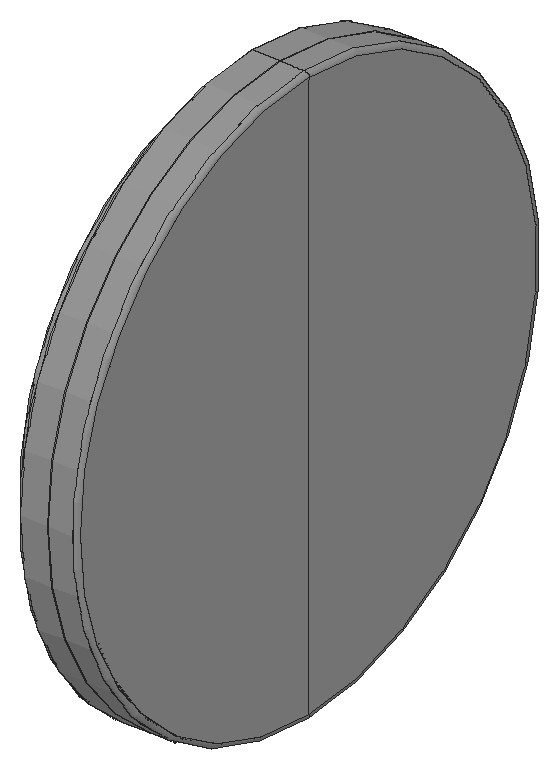
Revit family "IVLB_Generic_LF_Wall Mounted Luminaire Round", category Lighting Fixtures, Revit 2019
Family settings
  Round Connector Dimension = Use Diameter
  Part Type = Normal
  OmniClass Number = 23.80.70.11.14.11
  OmniClass Title = Downlights
  Work Plane-Based = No
  Always vertical = Yes
  Cut with Voids When Loaded = No
  Light Source = No
  Shared = No
  Room Calculation Point = Yes
Parameters (values of type "Generic Wall Luminaire Round")
  Wattage Comments = "18W"
  Wall mounted [instance] = yes
  Voltage = 230 V
  URL = "https://www.etk.nl"
  Type Comments = "IP20"
  Symbol_Waterproof [instance] = no
  Symbol_Emergency Lighting [instance] = no
  Switch Code [instance] = ""
  Radius = Diameter / 2  # 150 mm
  Model = "FMK.1"
  Manufacturer = "ETK licht B.V."
  Luminaire_Body_Material = PPS Plastic
  Luminaire Code [instance] = ""
  Light Source = Generic Lightsource : Generic Lightsource
  Lamp = "LED"
  IfcExportType = "USERDEFINED"
  IfcExportAs = "IfcLightFixtureType"
  Distance Symbol [instance] = if(Wall mounted, 170.5 mm, 0 mm)  # 170.5 mm
  Distance Luminaire Wall [instance] = if([43mm Height], -48 mm, -68 mm)  # -48 mm
  Distance Luminaire [instance] = if([43mm Height], -43 mm, -63 mm)  # -43 mm
  Diameter = 300 mm
  Description = "Surface Mounted"
  Copyright © IVLighting = "www.ivlighting.nl"
  Bundle = "110°"
  Assembly Code = "63.0"
  Apparent Load = 18 VA
  63mm Height = not([43mm Height])  # no
  43mm Height = yes
Reference planes
  plane 1 "Center (Front/Back)": y = 0
  plane 2: z = 0
  plane 3 "Center (Left/Right)": x = 0
Dimensions and locks
  "Distance Symbol": plane 3 "Center (Left/Right)" to nested 1
  aligned and locked: level to plane 2
Nested families
  nested 1: "WIL.3 Light_Symbol_IVL" at (170.5, 0, 0), type "Lighting Fixture Round - Emergency Lighting"
    with Wall mounted yes, Emergency Lighting no
  nested 2: "Generic Geometry" at (42.989, 0, -0.011) x (0, 0, 1) z (-1, 0, 0), visible <- "Wall mounted", built-in parameter 1001364 <- "Distance Luminaire Wall", type "Generic Geometry"
    with Radius 150 mm, Diameter 300 mm, Calc_Radius 142.3 mm
  nested 3: "Generic Lightsource" at (43, -3.799, 2.924) x (0, 0, -1) z (-1, 0, 0), visible <- "Wall mounted", built-in parameter 1001364 <- "Distance Luminaire", type <- "Light Source", type "Generic Lightsource"
Connectors
  electrical at (0, 0, 0), driven by "Apparent Load"
    settings: index 1, voltage 0 V, apparent load 0 VA, apparent load phase1 18 VA, apparent load phase2 0 VA, apparent load phase3 0 VA, power factor 1, load classification "Other", number of poles 1, system type 31, power factor state 1, is connector primary yes, connector utility no, sub classification motor no, connector description ""
Definition of nested family "Generic Geometry"
  Parameters (values of type "FMS1 Geometry")
    URL = "https://www.etk.nl/"
    Type Comments = "IP20"
    Symbol_Waterproof [instance] = no
    Symbol_Emergency Lighting [instance] = no
    Radius = Diameter / 2  # 135 mm
    Model = "FMS.1"
    Manufacturer = "ETK licht B.V."
    Luminaire_Body_Material = none
    Diameter = 270 mm
    Description = "Surface Mounted"
    Default Elevation = 1219.2 mm
    Copyright © IVLighting = "www.ivlighting.nl"
    Calc_Radius = Radius - 7.7 mm  # 127.3 mm
    Assembly Code = "63.0"
    63mm Height = not([43mm Height])  # no
    43mm Height = yes
  Reference planes
    plane 1 "Center (Front/Back)": y = 0
    plane 2: z = 0
    plane 3 "Center (Left/Right)": x = 0
  Forms (mm)
    Revolve 1, solid, visible <- "43mm Height"
      sketch origin (0, 0, 0) x (1, 0, 0) y (0, 0, 1)
        loop
          arc (-135, 2.5) -> (-134.268, 0.732) -> (-132.5, 0) r 2.5
          line (-132.5, 0) -> (0, 0) -> (0, 15.252) -> (-135, 15.252) -> (-135, 2.5)
        axis (0, 15.252) -> (0, 0)
      angle from 0 to 360
    Revolve 2, solid, material <- "Luminaire_Body_Material", visible <- "43mm Height"
      sketch origin (0, 0, 15.252) x (1, 0, 0) y (0, 0, 1)
        loop
          line (-135, 0) -> (0, 0) -> (0, 27.748) -> (-118, 27.748)
          arc (-118, 27.748) -> (-118.53, 27.528) -> (-118.75, 26.998) r 0.75
          line (-118.75, 26.998) -> (-118.75, 15.5)
          arc (-118.75, 15.5) -> (-118.97, 14.97) -> (-119.5, 14.75) r 0.75
          line (-119.5, 14.75) -> (-134.25, 14.75)
          arc (-134.25, 14.75) -> (-134.78, 14.531) -> (-135, 14) r 0.75
          line (-135, 14) -> (-135, 0)
        axis (0, 27.748) -> (0, 0)
      angle from 0 to 360
    Revolve 3, solid, visible <- "63mm Height"
      sketch origin (0, 0, 5.746) x (1, 0, 0) y (0, 0, 1)
        loop
          arc (-135, -3.248) -> (-134.268, -5.015) -> (-132.5, -5.748) r 2.5
          line (-132.5, -5.748) -> (0, -5.748) -> (0, 15.252) -> (-135, 15.252) -> (-135, -3.248)
        axis (0, 15.252) -> (0, -5.748)
      angle from 0 to 360
    Revolve 4, solid, material <- "Luminaire_Body_Material", visible <- "63mm Height"
      sketch origin (0, 0, 20.999) x (1, 0, 0) y (0, 0, 1)
        loop
          line (-135, 0) -> (0, 0) -> (0, 42.001) -> (-118, 42.001)
          arc (-118, 42.001) -> (-118.53, 41.781) -> (-118.75, 41.251) r 0.75
          line (-118.75, 41.251) -> (-118.75, 21.8)
          arc (-118.75, 21.8) -> (-118.984, 21.235) -> (-119.55, 21) r 0.8
          line (-119.55, 21) -> (-134.2, 21)
          arc (-134.2, 21) -> (-134.766, 20.766) -> (-135, 20.2) r 0.8
          line (-135, 20.2) -> (-135, 0)
        axis (0, 42.001) -> (0, 0)
      angle from 0 to 360
  Dimensions and locks
    "Radius": plane 3 "Center (Left/Right)" to Revolve 1 sketch curve
    locked: Revolve 2 sketch curve to Revolve 2 sketch curve at 16.25
    "Radius": Revolve 2 sketch curve to Revolve 2 sketch curve
    locked: Revolve 4 sketch curve to Revolve 4 sketch curve at 16.25
    "Radius": Revolve 4 sketch curve to Revolve 4 sketch curve
    aligned and locked: level to plane 2
  Automatic sketch dimensions
    Revolve 3 sketch curve to plane 3 "Center (Left/Right)" = 0 mm  (x2)
    Revolve 3 sketch curve to plane 3 "Center (Left/Right)" = 132.5 mm
    Revolve 3 sketch curve to Revolve 3 sketch curve = 2.5 mm
    Revolve 3 sketch curve to Revolve 3 sketch curve = 21 mm
    Revolve 3 sketch curve to level = 360.298 mm
    Revolve 3 sketch curve to Revolve 3 sketch curve = 2199.063 mm
    Revolve 3 sketch curve to level = 0.001 mm
    Revolve 1 sketch curve to level = 0 mm
    Revolve 1 sketch curve to plane 3 "Center (Left/Right)" = 0 mm  (x2)
    level to Revolve 1 sketch curve = 2.5 mm
    level to Revolve 1 sketch curve = 15.252 mm
    Revolve 1 sketch curve to level = 366.045 mm
    Revolve 1 sketch curve to Revolve 1 sketch curve = 2199.063 mm
    Revolve 2 sketch curve to plane 3 "Center (Left/Right)" = 0 mm  (x2)
    Revolve 2 sketch curve to Revolve 2 sketch curve = 0.75 mm  (x3)
    level to Revolve 2 sketch curve = 15.252 mm
    Revolve 2 sketch curve to Revolve 2 sketch curve = 14 mm
    Revolve 2 sketch curve to Revolve 2 sketch curve = 11.497 mm
    Revolve 2 sketch curve to level = 350.792 mm
    Revolve 2 sketch curve to Revolve 2 sketch curve = 2186.567 mm
    Revolve 4 sketch curve to plane 3 "Center (Left/Right)" = 0 mm  (x2)
    Revolve 4 sketch curve to Revolve 4 sketch curve = 0.8 mm  (x2)
    Revolve 4 sketch curve to Revolve 4 sketch curve = 0.75 mm
    level to Revolve 4 sketch curve = 20.999 mm
    Revolve 4 sketch curve to Revolve 4 sketch curve = 20.2 mm
    Revolve 4 sketch curve to Revolve 4 sketch curve = 19.45 mm
    Revolve 4 sketch curve to level = 345.046 mm
    Revolve 4 sketch curve to Revolve 4 sketch curve = 2174.067 mm
Definition of nested family "WIL.3 Light_Symbol_IVL"
  Parameters (values of type "Lighting Fixture - Round")
    Waterproof = no
    Wall mounted = no
    Lighting Fixture = yes
    Emergency Lighting = no
  Types (3, lengths in mm): name | Waterproof | Emergency Lighting
    Lighting Fixture - Round | no | no
    Lighting Fixture Round - Emergency Lighting | no | yes
    Lighting Fixture Round - Waterproof | yes | no
  Reference planes
    plane 1: y = 0
    plane 2: x = 0
  Lines and regions (mm)
    Filled region 1, type "Emergency Lighting", visible <- "Waterproof"
      outline origin (5.15, 1.04, 0) x (1, 0, 0) y (0, 1, 0)
        loop
          arc (-6.051, -1.34) -> (-5.15, -1.99) -> (-4.249, -1.34) r 0.95
          line (-4.249, -1.34) -> (-6.051, -1.34)
    Filled region 2, type "Emergency Lighting", visible <- "Emergency Lighting"
      outline origin (-5.15, 1.04, 0) x (0, 1, 0) y (-1, 0, 0)
        loop
          line (-1.04, -5.15) -> (-1.712, -5.822)
          arc (-1.712, -5.822) -> (-1.04, -6.1) -> (-0.369, -5.822) r 0.95
          line (-0.369, -5.822) -> (-1.04, -5.15)
    Filled region 3, type "Emergency Lighting", visible <- "Emergency Lighting"
      outline origin (5.15, 1.04, 0) x (1, 0, 0) y (0, 1, 0)
        loop
          line (-5.15, -1.04) -> (-5.822, -0.369)
          arc (-5.822, -0.369) -> (-6.1, -1.04) -> (-5.822, -1.712) r 0.95
          line (-5.822, -1.712) -> (-5.15, -1.04)
    detail lines, visible <- "Lighting Fixture"
      curve 1: circle (0, 0, 0) r 0.95 normal (0, 0, 1)
    detail lines, visible <- "Waterproof"
      curve 2: circle (0, 0, 0) r 0.95 normal (0, 0, 1)
    detail lines, visible <- "Emergency Lighting"
      curve 3: circle (0, 0, 0) r 0.95 normal (0, 0, 1)
    detail lines, visible <- "Wall mounted"
      curve 4: line (-0.95, 0, 0) -> (-1.705, 0, 0)
      curve 5: line (-1.705, 0.391, 0) -> (-1.705, -0.391, 0)
Definition of nested family "Generic Lightsource"
  Parameters (values of type "FMS.1110.10 - Ø270 / 18W / 1120lm / 4000K")
    Wattage Comments = "18W"
    Wattage = 7.53996 W
    built-in parameter 1150110 = 1 (stored number, unit not read)
    URL = "https://www.etk.nl"
    built-in parameter 1114217 = 1 (stored number, unit not read)
    Tilt Angle = 90.00°
    built-in parameter 1150109 = 1 (stored number, unit not read)
    built-in parameter 1150134 = 12
    built-in parameter 1150113 = 1 (stored number, unit not read)
    Photometric Web File = "FMK.1109.10.ies"
    built-in parameter 1150142 = "IESNA:LM-63-2002\r\n[TEST] /2015\r\n[TESTLAB] ies2eulumdat.appspot.com\r\n[ISSUEDATE] 2021-06-16T09:00:21.829\r\n[MANUFAC] www.etk.nl\r\n[LUMCAT] FMK.1109.10\r\n[LUMINAIRE] FMK.1 LED 12W 3000/4000/5700K ø250 niet dimbaar\r\n[LAMPCAT] LED\r\n[LAMP] LED\r\nTILT=NONE\r\n1\t1150\t1\t46\t180\t1\t2\t-0.250\t-0.250\t0\r\n1.0\t1.0\t11.80\r\n0\t 2\t 4\t 6\t 8\t 10\t 12\t 14\t 16\t 18\r\n20\t 22\t 24\t 26\t 28\t 30\t 32\t 34\t 36\t 38\r\n40\t 42\t 44\t 46\t 48\t 50\t 52\t 54\t 56\t 58\r\n60\t 62\t 64\t 66\t 68\t 70\t 72\t 74\t 76\t 78\r\n80\t 82\t 84\t 86\t 88\t 90\r\n0\t 2\t 4\t 6\t 8\t 10\t 12\t 14\t 16\t 18\r\n20\t 22\t 24\t 26\t 28\t 30\t 32\t 34\t 36\t 38\r\n40\t 42\t 44\t 46\t 48\t 50\t 52\t 54\t 56\t 58\r\n60\t 62\t 64\t 66\t 68\t 70\t 72\t 74\t 76\t 78\r\n80\t 82\t 84\t 86\t 88\t 90\t 92\t 94\t 96\t 98\r\n100\t 102\t 104\t 106\t 108\t 110\t 112\t 114\t 116\t 118\r\n120\t 122\t 124\t 126\t 128\t 130\t 132\t 134\t 136\t 138\r\n140\t 142\t 144\t 146\t 148\t 150\t 152\t 154\t 156\t 158\r\n160\t 162\t 164\t 166\t 168\t 170\t 172\t 174\t 176\t 178\r\n180\t 182\t 184\t 186\t 188\t 190\t 192\t 194\t 196\t 198\r\n200\t 202\t 204\t 206\t 208\t 210\t 212\t 214\t 216\t 218\r\n220\t 222\t 224\t 226\t 228\t 230\t 232\t 234\t 236\t 238\r\n240\t 242\t 244\t 246\t 248\t 250\t 252\t 254\t 256\t 258\r\n260\t 262\t 264\t 266\t 268\t 270\t 272\t 274\t 276\t 278\r\n280\t 282\t 284\t 286\t 288\t 290\t 292\t 294\t 296\t 298\r\n300\t 302\t 304\t 306\t 308\t 310\t 312\t 314\t 316\t 318\r\n320\t 322\t 324\t 326\t 328\t 330\t 332\t 334\t 336\t 338\r\n340\t 342\t 344\t 346\t 348\t 350\t 352\t 354\t 356\t 358\r\n\r\n405.3384\t404.7765\t404.2265\t402.9975\t401.1013\t399.2051\t395.3191\t391.4331\t387.5471\t383.661\r\n379.7751\t373.4779\t367.169\t360.8717\t354.5746\t348.2657\t339.7094\t331.1415\t322.5852\t314.029\r\n305.461\t294.8096\t284.1582\t273.5069\t262.8555\t252.2041\t239.7267\t227.261\t214.7837\t202.3181\r\n189.8525\t177.3751\t164.9094\t152.432\t139.9664\t127.4891\t0\t0\t0\t0\r\n0\t0\t0\t0\t0\t0\r\n405.3384\t404.7925\t404.2577\t403.0448\t401.1686\t399.2994\t395.4335\t391.5606\t387.7102\t383.8203\r\n379.9334\t373.6444\t367.3443\t361.0453\t354.7325\t348.4388\t339.8983\t331.3616\t322.8117\t314.2627\r\n305.722\t295.0872\t284.4404\t273.8022\t263.1576\t252.5163\t240.0548\t227.5873\t215.131\t202.664\r\n190.1945\t177.7378\t165.2697\t152.8012\t140.3312\t128.1946\t0.3296\t0\t0\t0\r\n0\t0\t0\t0\t0\t0\r\n405.3384\t404.8094\t404.2892\t403.0935\t401.2796\t399.4809\t395.6213\t391.7396\t387.8385\t383.9437\r\n380.072\t373.802\t367.5085\t361.2065\t354.9129\t348.6531\t340.137\t331.5961\t323.0451\t314.5012\r\n305.9895\t295.3818\t284.734\t274.0862\t263.4264\t252.8071\t240.376\t227.9231\t215.4572\t202.995\r\n190.53\t178.0631\t165.6056\t153.1389\t140.6717\t129.4859\t1.3419\t0\t0\t0\r\n0\t0\t0\t0\t0\t0\r\n405.3384\t404.8271\t404.3209\t403.1488\t401.3532\t399.5783\t395.7291\t391.8382\t387.9181\t384.0265\r\n380.1901\t373.9544\t367.6616\t361.3486\t355.0482\t348.8012\t340.3437\t331.8018\t323.2501\t314.6929\r\n306.2129\t295.662\t285.012\t274.3604\t263.7094\t253.1247\t240.74\t228.2758\t215.8122\t203.3491\r\n190.8749\t178.4127\t165.9503\t153.4898\t141.027\t131.3458\t3.1025\t0\t0\t0\r\n0\t0\t0\t0\t0\t0\r\n405.3384\t404.8458\t404.3591\t403.1978\t401.4167\t399.6486\t395.7816\t391.8937\t388.0038\t384.1068\r\n380.2987\t374.1143\t367.817\t361.5156\t355.2003\t348.9967\t340.5979\t332.043\t323.4957\t314.942\r\n306.4955\t295.9896\t285.3021\t274.6328\t263.9659\t253.4202\t241.0823\t228.6129\t216.1591\t203.6915\r\n191.2234\t178.7558\t166.3001\t153.8352\t141.371\t133.6544\t5.718\t0\t0\t0\r\n0\t0\t0\t0\t0\t0\r\n405.3384\t404.8652\t404.3908\t403.2459\t401.4706\t399.6646\t395.8675\t391.9843\t388.0857\t384.1821\r\n380.4316\t374.3456\t368.0256\t361.7021\t355.3697\t349.2\t340.8799\t332.2872\t323.6935\t315.0968\r\n306.6804\t296.3012\t285.6181\t274.9391\t264.248\t253.707\t241.4578\t228.9766\t216.4988\t204.0245\r\n191.5571\t179.0864\t166.6186\t154.1544\t141.6922\t136.24\t9.3369\t0\t0\t0\r\n0\t0\t0\t0\t0\t0\r\n405.3384\t404.8854\t404.4219\t403.2933\t401.5055\t399.7186\t395.9651\t392.0842\t388.1903\t384.3067\r\n380.5784\t374.5562\t368.2162\t361.8639\t355.4958\t349.3364\t341.1183\t332.5123\t323.9013\t315.2964\r\n306.9063\t296.6299\t285.9122\t275.1976\t264.4831\t253.9575\t241.8218\t229.3201\t216.8328\t204.3396\r\n191.8483\t179.3695\t166.8926\t154.4222\t141.9565\t138.8551\t14.1501\t0\t0\t0\r\n0\t0\t0\t0\t0\t0\r\n405.3384\t404.9066\t404.4521\t403.3398\t401.5506\t399.7766\t396.0731\t392.2029\t388.3231\t384.3922\r\n380.6589\t374.7488\t368.3792\t361.9898\t355.5837\t349.4181\t341.3685\t332.7528\t324.1099\t315.4532\r\n307.0598\t296.9581\t286.2249\t275.4731\t264.7159\t254.1799\t242.1928\t229.6762\t217.1659\t204.6692\r\n192.1717\t179.6758\t167.1817\t154.6978\t142.2295\t141.3105\t20.401\t0\t0\t0\r\n0\t0\t0\t0\t0\t0\r\n405.3384\t404.9688\t404.4817\t403.3908\t401.5946\t399.8358\t396.2032\t392.3475\t388.4203\t384.4425\r\n380.7195\t374.9437\t368.5473\t362.1238\t355.6851\t349.5134\t341.9282\t332.9785\t324.3069\t315.6402\r\n306.9436\t297.5694\t286.5262\t275.7395\t264.9593\t254.1623\t242.7912\t230.0358\t217.5005\t204.986\r\n192.4711\t179.9636\t167.4644\t154.9748\t142.4941\t143.2492\t28.3764\t0\t0\t0\r\n0\t0\t0\t0\t0\t0\r\n405.3384\t404.9901\t404.5102\t403.434\t401.6375\t399.8986\t396.3675\t392.4653\t388.4946\t384.4886\r\n380.7515\t375.1532\t368.7296\t362.2829\t355.7949\t349.2691\t342.1908\t333.257\t324.528\t315.7751\r\n307.0363\t297.9246\t286.8722\t276.0236\t265.1733\t254.3419\t243.18\t230.433\t217.8766\t205.3224\r\n192.7845\t180.2462\t167.7206\t155.2142\t142.724\t144.3059\t38.4235\t0\t0\t0\r\n0\t0\t0\t0\t0\t0\r\n405.3384\t405.0108\t404.5376\t403.4745\t401.6757\t399.9613\t396.5103\t392.5677\t388.5717\t384.5293\r\n380.4421\t375.6788\t368.9428\t362.4278\t355.8852\t349.3419\t342.4468\t333.4846\t324.7196\t315.9401\r\n307.1422\t298.1755\t287.1691\t276.2852\t265.4162\t254.5351\t243.54\t230.8321\t218.2158\t205.6051\r\n193.0422\t180.5018\t167.9628\t155.4439\t142.9509\t130.4715\t80.1717\t0\t0\t0\r\n0\t0\t0\t0\t0\t0\r\n405.3384\t405.0308\t404.5638\t403.5122\t401.7197\t400.0344\t396.6479\t392.675\t388.642\t384.5539\r\n380.446\t375.8849\t369.1475\t362.5941\t356.0076\t349.3402\t342.606\t333.7678\t324.9507\t316.0958\r\n307.1888\t298.3823\t287.5427\t276.5987\t265.6547\t254.6769\t243.7733\t231.1892\t218.5583\t205.9536\r\n193.3574\t180.7795\t168.2176\t155.6732\t143.1664\t130.6811\t92.6587\t0\t0\t0\r\n0\t0\t0\t0\t0\t0\r\n405.3384\t405.0504\t404.5956\t403.547\t401.7653\t400.0733\t397.0342\t392.7846\t388.7175\t384.6009\r\n380.4658\t376.0643\t369.3866\t362.7735\t356.0799\t349.3699\t342.7566\t334.0832\t325.1628\t316.2179\r\n307.2752\t298.5357\t287.9146\t276.8913\t265.8705\t254.8646\t244.0337\t231.6235\t218.9315\t206.265\r\n193.6356\t181.0339\t168.4572\t155.9156\t143.3861\t130.8825\t104.473\t0\t0\t0\r\n0\t0\t0\t0\t0\t0\r\n405.3384\t405.0692\t404.6173\t403.5726\t401.812\t400.0922\t397.1653\t392.8976\t388.795\t384.6787\r\n380.4567\t376.1942\t369.6246\t362.9226\t356.2055\t349.4272\t342.8367\t334.3769\t325.3805\t316.3703\r\n307.3625\t298.3377\t288.5546\t277.2123\t266.1258\t255.0391\t244.1559\t232.0335\t219.3073\t206.6258\r\n193.9576\t181.3129\t168.7045\t156.1324\t143.5875\t131.0872\t115.0185\t0\t0\t0\r\n0\t0\t0\t0\t0\t0\r\n405.3384\t405.0876\t404.6362\t403.6022\t401.8688\t399.828\t397.2783\t392.9976\t388.9023\t384.7385\r\n380.4432\t376.2623\t369.8607\t363.1303\t356.3361\t349.4819\t342.5273\t334.9205\t325.6274\t316.563\r\n307.4647\t298.325\t288.8953\t277.552\t266.3836\t255.2249\t244.066\t232.6598\t219.71\t206.9637\r\n194.2635\t181.5828\t168.9417\t156.3369\t143.7678\t131.2452\t123.6219\t0\t0\t0\r\n0\t0\t0\t0\t0\t0\r\n405.3384\t405.1054\t404.6527\t403.6299\t401.9954\t399.8313\t397.3825\t393.1311\t389.0376\t384.7914\r\n380.4256\t376.2601\t370.1442\t363.3441\t356.5\t349.5195\t342.4467\t335.1645\t325.9313\t316.7695\r\n307.548\t298.3169\t289.1161\t277.9297\t266.651\t255.4032\t244.1853\t232.9715\t220.1319\t207.3312\r\n194.5444\t181.8166\t169.148\t156.5181\t143.9438\t131.4005\t129.5504\t10.7169\t0\t0\r\n0\t0\t0\t0\t0\t0\r\n405.3384\t405.1227\t404.6665\t403.6558\t402.0282\t399.8387\t397.4732\t393.2952\t389.1616\t384.8421\r\n380.4176\t375.9014\t370.721\t363.6037\t356.6569\t349.5494\t342.4061\t335.3294\t326.2421\t316.9739\r\n307.6665\t298.3454\t289.1781\t278.2878\t266.963\t255.6467\t244.3238\t233.1536\t220.5163\t207.6577\r\n194.8355\t182.0686\t169.3482\t156.6677\t144.0408\t131.4715\t131.8453\t25.923\t0\t0\r\n0\t0\t0\t0\t0\t0\r\n405.3384\t405.1396\t404.6776\t403.6776\t402.0538\t399.8619\t397.5341\t393.5083\t389.2881\t384.8846\r\n380.4261\t375.832\t370.9139\t363.9038\t356.8028\t349.6355\t342.4017\t335.332\t326.5796\t317.2212\r\n307.8198\t298.3417\t288.8594\t278.9905\t267.339\t255.8866\t244.4302\t233.0061\t221.1259\t208.0094\r\n195.1274\t182.2902\t169.5075\t156.7928\t144.1389\t131.538\t118.9821\t72.5747\t0\t0\r\n0\t0\t0\t0\t0\t0\r\n405.3384\t405.1559\t404.686\t403.7113\t402.0482\t399.882\t397.6063\t393.7003\t389.4083\t384.9648\r\n380.4586\t375.7543\t371.0891\t364.165\t357.0131\t349.7518\t342.4103\t334.9484\t327.1548\t317.4999\r\n307.9709\t298.3923\t288.8332\t279.2321\t267.7019\t256.1485\t244.593\t233.049\t221.4516\t208.379\r\n195.4187\t182.5259\t169.6952\t156.9157\t144.2105\t131.5685\t118.9925\t91.6472\t0\t0\r\n0\t0\t0\t0\t0\t0\r\n405.3384\t405.1718\t404.6918\t403.7304\t402.0748\t399.9057\t397.6713\t393.8957\t389.5114\t385.088\r\n380.4979\t375.7076\t371.0587\t364.4889\t357.2386\t349.9042\t342.4218\t334.8539\t327.2884\t317.8216\r\n308.1836\t298.5219\t288.784\t279.2695\t268.1369\t256.4569\t244.7869\t233.1079\t221.6219\t208.7797\r\n195.7476\t182.7712\t169.842\t157.0084\t144.2669\t131.5897\t118.9856\t106.3522\t0\t0\r\n0\t0\t0\t0\t0\t0\r\n405.3384\t405.1872\t404.677\t403.7455\t402.1069\t399.9332\t397.7438\t394.3242\t389.6719\t385.2237\r\n380.5442\t375.6807\t370.6129\t365.0631\t357.5309\t350.0674\t342.4859\t334.7817\t327.2448\t318.4473\r\n308.4635\t298.6371\t288.784\t278.8955\t268.7927\t256.8209\t244.9966\t233.2361\t221.4851\t209.3772\r\n196.0586\t182.9925\t170.014\t157.1221\t144.303\t131.5659\t118.922\t115.4507\t0.7529\t0\r\n0\t0\t0\t0\t0\t0\r\n405.3384\t405.2023\t404.5924\t403.7567\t402.1445\t399.9518\t397.5215\t394.4699\t389.8906\t385.382\r\n380.6063\t375.6074\t370.4961\t365.1827\t357.8531\t350.2794\t342.5728\t334.767\t326.8088\t318.7303\r\n308.7717\t298.8224\t288.8326\t278.8036\t268.8778\t257.2662\t245.3121\t233.3885\t221.4719\t209.6291\r\n196.4163\t183.2663\t170.1886\t157.217\t144.3317\t131.5459\t118.8227\t106.1876\t17.4697\t0\r\n0\t0\t0\t0\t0\t0\r\n405.3384\t405.217\t404.5944\t403.7643\t402.2164\t399.9969\t397.5215\t394.5348\t390.1198\t385.5481\r\n380.6842\t375.579\t370.3695\t365.1761\t358.5091\t350.5396\t342.7377\t334.7731\t326.7113\t318.7291\r\n309.1553\t299.0695\t288.9289\t278.7193\t268.5571\t257.9194\t245.6422\t233.5555\t221.5159\t209.6959\r\n196.8141\t183.564\t170.3986\t157.3153\t144.3298\t131.4311\t118.6433\t105.963\t65.2493\t0\r\n0\t0\t0\t0\t0\t0\r\n405.3384\t405.2314\t404.597\t403.7683\t402.259\t400.1387\t397.5142\t394.6254\t390.3718\t385.7346\r\n380.7618\t375.6336\t370.2359\t364.7113\t358.7633\t350.8369\t342.942\t334.8576\t326.6208\t318.2983\r\n309.7123\t299.3766\t289.0811\t278.7695\t268.3526\t258.0866\t246.0418\t233.822\t221.6258\t209.5032\r\n197.3492\t183.8918\t170.5912\t157.4067\t144.3357\t131.3476\t118.48\t105.7362\t86.9291\t0\r\n0\t0\t0\t0\t0\t0\r\n405.3384\t405.2454\t404.6007\t403.7691\t402.2969\t400.2013\t397.5194\t394.7022\t390.8756\t385.9297\r\n380.8283\t375.6809\t370.2029\t364.5257\t358.7975\t351.2443\t343.1931\t334.9798\t326.6184\t318.1094\r\n309.6994\t299.7814\t289.3562\t278.8261\t268.235\t257.6488\t246.725\t234.1375\t221.8235\t209.5282\r\n197.4412\t184.2693\t170.8692\t157.5318\t144.3183\t131.2485\t118.3192\t105.4985\t99.8452\t0\r\n0\t0\t0\t0\t0\t0\r\n405.3384\t405.2465\t404.6055\t403.7327\t402.33\t400.28\t397.5374\t394.7758\t391.1064\t386.1222\r\n380.9814\t375.6963\t370.1916\t364.3689\t358.3019\t351.8681\t343.551\t335.1761\t326.6651\t318.0094\r\n309.224\t300.3263\t289.676\t278.9673\t268.2109\t257.4449\t246.79\t234.5954\t222.0662\t209.6096\r\n197.2538\t184.796\t171.1111\t157.6776\t144.3725\t131.1929\t118.1378\t105.2239\t92.4606\t7.417\r\n0\t0\t0\t0\t0\t0\r\n405.3384\t405.26\t404.6117\t403.7331\t402.3583\t400.3318\t397.5727\t394.5667\t391.2865\t386.3445\r\n381.2477\t375.7985\t370.1959\t364.244\t358.0878\t351.9228\t343.9437\t335.4465\t326.8059\t317.9911\r\n309.0489\t300.2024\t290.2985\t279.2004\t268.2951\t257.2789\t246.344\t235.2056\t222.4167\t209.7955\r\n197.2042\t184.8605\t171.4948\t157.9091\t144.4487\t131.1247\t117.9609\t104.9565\t92.1149\t52.9313\r\n0\t0\t0\t0\t0\t0\r\n405.3384\t405.2736\t404.6193\t403.7351\t402.3811\t400.3748\t397.6302\t394.5872\t391.3781\t386.8119\r\n381.4951\t375.9993\t370.2514\t364.1293\t357.9116\t351.3889\t344.5079\t335.822\t327.0416\t318.0736\r\n308.9557\t299.6921\t290.3569\t279.5927\t268.421\t257.3226\t246.1\t234.903\t222.8814\t210.0311\r\n197.2958\t184.6475\t172.0079\t158.165\t144.5452\t131.0796\t117.7978\t104.7315\t91.8426\t76.8551\r\n0\t0\t0\t0\t0\t0\r\n405.3384\t405.2871\t404.6284\t403.7382\t402.383\t400.4092\t397.8019\t394.6157\t391.382\t386.9759\r\n381.7537\t376.2214\t370.3501\t364.1175\t357.7917\t351.1064\t344.4201\t336.5393\t327.3814\t318.2587\r\n308.9705\t299.4656\t289.8818\t280.0753\t268.8078\t257.4031\t245.984\t234.5829\t223.2864\t210.4452\r\n197.4796\t184.6232\t171.8738\t158.4916\t144.6856\t131.1101\t117.7175\t104.5034\t91.5471\t87.0893\r\n0\t0\t0\t0\t0\t0\r\n405.3384\t405.3008\t404.6392\t403.7418\t402.3989\t400.4352\t397.8747\t394.6614\t391.0674\t387.1128\r\n382.2229\t376.4632\t370.4832\t364.2203\t357.7251\t350.8963\t343.8101\t336.6669\t327.8215\t318.561\r\n309.1145\t299.4337\t289.6313\t279.6987\t269.4041\t257.6346\t246.0417\t234.3777\t222.7877\t211.0609\r\n197.8041\t184.6956\t171.7174\t158.9026\t144.9461\t131.1605\t117.657\t104.3263\t91.2411\t78.3968\r\n8.6356\t0\t0\t0\t0\t0\r\n405.3384\t405.3146\t404.6518\t403.7453\t402.4116\t400.4333\t397.9374\t394.7255\t391.0189\t387.2362\r\n382.4741\t376.7553\t370.621\t364.3583\t357.712\t350.7498\t343.5434\t336.0689\t328.3754\t318.9975\r\n309.3575\t299.5473\t289.484\t279.3984\t269.2587\t258.261\t246.2079\t234.3624\t222.4746\t210.6739\r\n198.3975\t184.9162\t171.7187\t158.643\t145.2545\t131.3415\t117.6016\t104.16\t90.981\t78.0548\r\n54.1337\t0\t0\t0\t0\t0\r\n405.3384\t405.4889\t404.6945\t403.6712\t402.4205\t400.4506\t397.9834\t394.8928\t390.9998\t386.973\r\n382.6577\t377.3141\t370.8707\t364.5641\t357.7877\t350.7046\t343.3801\t335.7208\t327.8525\t319.6767\r\n309.7968\t299.7787\t289.6134\t279.2245\t268.6962\t258.2578\t246.6038\t234.4814\t222.3847\t210.2821\r\n198.4381\t185.3347\t171.8446\t158.564\t145.4985\t131.5442\t117.6455\t104.0124\t90.7095\t77.7184\r\n71.0115\t0\t0\t0\t0\t0\r\n405.3384\t405.5009\t404.7104\t403.6809\t402.4254\t400.4644\t398.0198\t394.9896\t391.014\t386.9406\r\n382.6666\t377.537\t371.2201\t364.837\t357.9545\t350.7593\t343.2926\t335.5022\t327.46\t319.1538\r\n310.4783\t300.1684\t289.8497\t279.2431\t268.5397\t257.661\t246.8589\t234.8353\t222.4783\t210.092\r\n197.8192\t185.7046\t172.2109\t158.5712\t145.1721\t131.9025\t117.7262\t103.9048\t90.5045\t77.4349\r\n64.724\t0\t0\t0\t0\t0\r\n405.3384\t405.512\t404.7274\t403.6949\t402.4256\t400.4737\t398.0459\t395.0319\t391.1349\t386.9314\r\n382.368\t377.565\t371.7894\t365.1647\t358.2122\t350.925\t343.2805\t335.4297\t327.1908\t318.7224\r\n309.9642\t300.886\t290.2777\t279.5029\t268.5805\t257.4726\t246.2239\t235.0727\t222.7881\t210.1727\r\n197.5617\t185.0625\t172.6371\t158.8143\t145.0846\t131.6118\t117.8827\t103.9322\t90.3265\t77.1744\r\n64.48\t35.0653\t0\t0\t0\t0\r\n405.3384\t405.522\t404.7455\t403.7452\t402.4209\t400.4773\t398.0588\t395.0488\t391.1753\t387.0135\r\n382.3352\t377.2242\t371.9159\t365.7147\t358.5534\t351.2243\t343.4254\t335.4792\t327.0606\t318.4772\r\n309.4696\t300.3065\t290.8705\t280.0089\t268.8629\t257.5392\t246.0377\t234.4621\t222.8965\t210.6316\r\n197.5873\t184.7291\t171.9505\t159.2993\t145.2866\t131.4601\t118.0115\t103.9741\t90.2222\t76.9361\r\n64.1798\t56.618\t0\t0\t0\t0\r\n405.3384\t405.5308\t404.7649\t403.7651\t402.3395\t400.4737\t398.0593\t395.0424\t391.207\t387.0567\r\n382.3506\t377.1527\t371.6378\t365.821\t359.1154\t351.6039\t343.7387\t335.6237\t327.116\t318.3892\r\n309.185\t299.8538\t290.1589\t280.4669\t269.6277\t257.8645\t246.1541\t234.2897\t222.3665\t210.3175\r\n198.0481\t184.7232\t171.6272\t158.6683\t145.768\t131.577\t117.6798\t104.1455\t90.1031\t76.7097\r\n63.9092\t51.7004\t0\t0\t0\t0\r\n405.3384\t405.5388\t404.7856\t403.7878\t402.34\t400.4766\t398.0469\t395.016\t391.2276\t387.086\r\n382.4782\t377.1848\t371.6139\t365.5258\t359.2193\t352.1252\t344.383\t335.9209\t327.3527\t318.4608\r\n309.1505\t299.601\t289.7392\t279.6691\t269.2868\t258.5846\t246.5891\t234.456\t222.2595\t209.9698\r\n197.5743\t185.146\t171.655\t158.2647\t145.101\t132.0467\t117.7168\t103.7776\t90.1162\t76.5416\r\n63.6537\t51.4481\t11.4644\t0\t0\t0\r\n405.3384\t405.5455\t404.8079\t403.8136\t402.3469\t400.3632\t398.021\t394.9736\t391.2361\t387.0991\r\n382.4999\t377.3413\t371.7228\t365.4801\t358.9167\t352.0852\t344.7107\t336.4982\t327.7775\t318.7203\r\n309.3167\t299.5744\t289.5996\t279.3072\t268.7148\t257.8887\t247.047\t235.2639\t222.5436\t209.9771\r\n197.2699\t184.5597\t171.885\t158.2865\t144.6692\t131.337\t118.1829\t103.7905\t89.9666\t76.4265\r\n63.4089\t51.1676\t44.0861\t0\t0\t0\r\n405.3384\t405.5513\t404.9774\t403.8429\t402.3609\t400.3505\t397.8886\t394.8898\t391.2407\t387.0953\r\n382.4979\t377.3824\t371.7634\t365.5989\t358.905\t351.812\t344.4396\t336.63\t328.3847\t319.3177\r\n309.7407\t299.8087\t289.728\t279.2246\t268.459\t257.4328\t246.1417\t234.7065\t223.2024\t210.4254\r\n197.4644\t184.3923\t171.2764\t158.1367\t144.9817\t130.9885\t117.4819\t104.1949\t89.9202\t76.3115\r\n63.1698\t50.8615\t39.4911\t0\t0\t0\r\n405.3384\t405.5559\t404.9992\t403.8756\t402.382\t400.349\t397.8573\t394.7468\t391.2145\t387.0848\r\n382.4587\t377.3893\t371.7642\t365.6347\t359.0468\t351.9462\t344.3869\t336.3706\t328.1386\t319.4674\r\n310.3444\t300.4744\t290.1739\t279.4322\t268.5321\t257.3547\t245.836\t234.1207\t222.3374\t210.1954\r\n198.078\t184.7804\t171.3331\t157.8412\t144.3958\t131.1966\t117.2105\t103.4803\t90.2145\t76.2405\r\n62.9998\t50.5463\t39.207\t5.7837\t0\t0\r\n405.3384\t405.5595\t405.017\t403.9123\t402.4111\t400.3595\t397.8451\t
